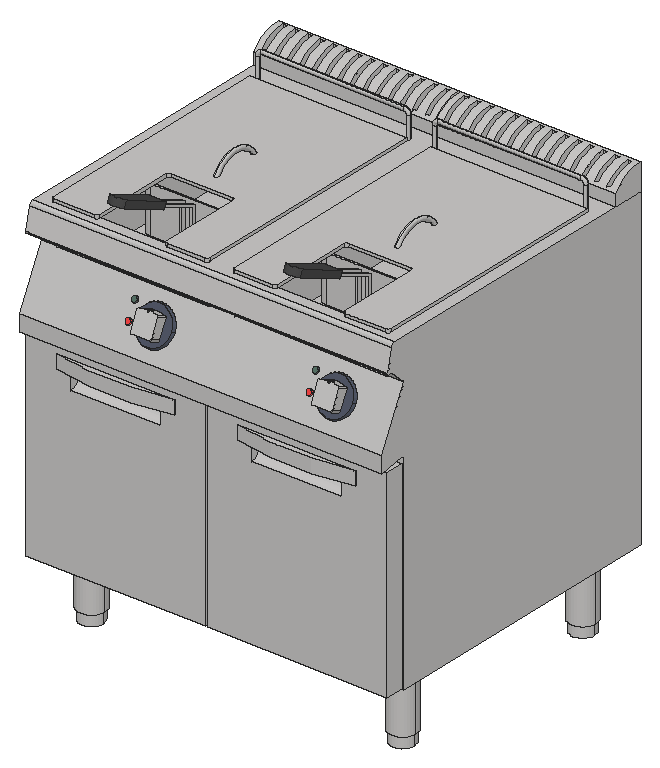
Revit family "QF_ZANUSSI_372078_Z7FREH2BF0", category Specialty Equipment, Revit 2018 (continued)
Automatic sketch dimensions
  Extrusion 10 sketch curve to plane 11 = 84.899 mm
  Extrusion 10 sketch curve to Extrusion 10 sketch curve = 6.35 mm
  Extrusion 10 sketch curve to plane 10 "TOP A" = 7.522 mm
  Extrusion 10 sketch curve to Extrusion 10 sketch curve = 97.432 mm
  Sweep 11 sketch curve to plane 10 "TOP A" = 0 mm  (x2)
  Sweep 11 sketch curve to plane 8 "Center X" = 12.824 mm
  Sweep 11 sketch curve to plane 10 "TOP A" = 26.978 mm
  Sweep 11 sketch curve to Sweep 11 sketch curve = 54.439 mm
  Sweep 11 sketch curve to profile plane = 0 mm  (x2)
  Sweep 12 sketch curve to plane 10 "TOP A" = 0 mm  (x2)
  Sweep 12 sketch curve to plane 8 "Center X" = 12.824 mm
  Sweep 12 sketch curve to plane 10 "TOP A" = 26.978 mm
  Sweep 12 sketch curve to Sweep 12 sketch curve = 54.439 mm
  Sweep 12 sketch curve to profile plane = 0 mm
  profile plane to Sweep 12 sketch curve = 0 mm
  plane 7 "Center Y" to Extrusion 13 sketch curve = 175.907 mm
  Extrusion 13 sketch curve to Extrusion 13 sketch curve = 0 mm
  Extrusion 13 sketch curve to Extrusion 13 sketch curve = 11.832 mm
  Extrusion 13 sketch curve to Extrusion 13 sketch curve = 106.78 mm
  Extrusion 13 sketch curve to Extrusion 13 sketch curve = 18.617 mm
  Extrusion 14 sketch curve to Extrusion 14 sketch curve = 0 mm  (x16)
  Extrusion 14 sketch curve to plane 4 "RIGHT" = 91.225 mm
  Extrusion 14 sketch curve to Extrusion 14 sketch curve = 3.175 mm  (x2)
  Extrusion 14 sketch curve to Extrusion 14 sketch curve = 22.225 mm  (x6)
  plane 7 "Center Y" to Extrusion 14 sketch curve = 105.625 mm  (x2)
  Extrusion 14 sketch curve to plane 7 "Center Y" = 80.225 mm
  plane 3 "LEFT" to Extrusion 14 sketch curve = 116.625 mm  (x2)
  plane 12 to Extrusion 14 sketch curve = 41.498 mm  (x2)
  Extrusion 14 sketch curve to plane 8 "Center X" = 116.11 mm  (x2)
  Extrusion 15 sketch curve to plane 11 = 1.013 mm
  Extrusion 15 sketch curve to plane 11 = 3.696 mm
  Extrusion 15 sketch curve to plane 10 "TOP A" = 11.567 mm
  Extrusion 15 sketch curve to plane 11 = 84.899 mm
  Extrusion 15 sketch curve to plane 10 "TOP A" = 7.522 mm
  Extrusion 15 sketch curve to Extrusion 15 sketch curve = 6.35 mm
  Extrusion 15 sketch curve to Extrusion 15 sketch curve = 97.432 mm
  Extrusion 16 sketch curve to plane 11 = 1.013 mm
  Extrusion 16 sketch curve to plane 11 = 3.696 mm
  Extrusion 16 sketch curve to plane 10 "TOP A" = 11.567 mm
  Extrusion 16 sketch curve to plane 11 = 84.899 mm
  Extrusion 16 sketch curve to Extrusion 16 sketch curve = 6.35 mm
  Extrusion 16 sketch curve to Extrusion 16 sketch curve = 97.432 mm
  Extrusion 16 sketch curve to plane 10 "TOP A" = 7.522 mm
  Sweep 17 sketch curve to plane 10 "TOP A" = 0 mm  (x2)
  Sweep 17 sketch curve to plane 6 "TOP" = 9.525 mm  (x2)
  Sweep 17 sketch curve to plane 4 "RIGHT" = 39.688 mm
  Sweep 17 sketch curve to Sweep 17 sketch curve = 6.35 mm
  plane 7 "Center Y" to Sweep 17 sketch curve = 37.331 mm
  profile plane to Sweep 17 sketch curve = 2.09 mm
  profile plane to Sweep 17 sketch curve = 140.754 mm
  plane 1 "BACK" to Extrusion 18 sketch curve = 6.761 mm
  Extrusion 18 sketch curve to plane 7 "Center Y" = 15.351 mm
  Extrusion 18 sketch curve to Extrusion 18 sketch curve = 9.296 mm
  Extrusion 18 sketch curve to Extrusion 18 sketch curve = 57.15 mm
  plane 1 "BACK" to Extrusion 19 sketch curve = 6.761 mm
  plane 3 "LEFT" to Extrusion 19 sketch curve = 50.591 mm
  Extrusion 19 sketch curve to Extrusion 19 sketch curve = 9.296 mm
  Extrusion 19 sketch curve to Extrusion 19 sketch curve = 57.15 mm
  plane 1 "BACK" to Extrusion 20 sketch curve = 6.761 mm
  plane 3 "LEFT" to Extrusion 20 sketch curve = 78.433 mm
  Extrusion 20 sketch curve to Extrusion 20 sketch curve = 9.296 mm
  Extrusion 20 sketch curve to Extrusion 20 sketch curve = 57.15 mm
  plane 1 "BACK" to Extrusion 21 sketch curve = 6.761 mm
  plane 3 "LEFT" to Extrusion 21 sketch curve = 106.275 mm
  Extrusion 21 sketch curve to Extrusion 21 sketch curve = 9.296 mm
  Extrusion 21 sketch curve to Extrusion 21 sketch curve = 57.15 mm
  plane 1 "BACK" to Extrusion 22 sketch curve = 6.761 mm
  plane 3 "LEFT" to Extrusion 22 sketch curve = 134.118 mm
  Extrusion 22 sketch curve to Extrusion 22 sketch curve = 9.296 mm
  Extrusion 22 sketch curve to Extrusion 22 sketch curve = 57.15 mm
  plane 1 "BACK" to Extrusion 23 sketch curve = 6.761 mm
  plane 3 "LEFT" to Extrusion 23 sketch curve = 161.96 mm
  Extrusion 23 sketch curve to Extrusion 23 sketch curve = 9.296 mm
  Extrusion 23 sketch curve to Extrusion 23 sketch curve = 57.15 mm
  plane 1 "BACK" to Extrusion 24 sketch curve = 6.761 mm
  plane 3 "LEFT" to Extrusion 24 sketch curve = 189.802 mm
  Extrusion 24 sketch curve to Extrusion 24 sketch curve = 9.296 mm
  Extrusion 24 sketch curve to Extrusion 24 sketch curve = 57.15 mm
  plane 1 "BACK" to Extrusion 25 sketch curve = 6.761 mm
  Extrusion 25 sketch curve to plane 7 "Center Y" = 182.405 mm
  Extrusion 25 sketch curve to Extrusion 25 sketch curve = 9.296 mm
  Extrusion 25 sketch curve to Extrusion 25 sketch curve = 57.15 mm
  plane 1 "BACK" to Extrusion 26 sketch curve = 6.761 mm
  Extrusion 26 sketch curve to plane 7 "Center Y" = 154.563 mm
  Extrusion 26 sketch curve to Extrusion 26 sketch curve = 9.296 mm
  Extrusion 26 sketch curve to Extrusion 26 sketch curve = 57.15 mm
  plane 1 "BACK" to Extrusion 27 sketch curve = 6.761 mm
  Extrusion 27 sketch curve to plane 7 "Center Y" = 126.721 mm
  Extrusion 27 sketch curve to Extrusion 27 sketch curve = 9.296 mm
  Extrusion 27 sketch curve to Extrusion 27 sketch curve = 57.15 mm
  plane 1 "BACK" to Extrusion 28 sketch curve = 6.761 mm
  Extrusion 28 sketch curve to plane 7 "Center Y" = 98.878 mm
  Extrusion 28 sketch curve to Extrusion 28 sketch curve = 9.296 mm
  Extrusion 28 sketch curve to Extrusion 28 sketch curve = 57.15 mm
  plane 1 "BACK" to Extrusion 29 sketch curve = 6.761 mm
  Extrusion 29 sketch curve to plane 7 "Center Y" = 71.036 mm
  Extrusion 29 sketch curve to Extrusion 29 sketch curve = 9.296 mm
  Extrusion 29 sketch curve to Extrusion 29 sketch curve = 57.15 mm
  plane 1 "BACK" to Extrusion 30 sketch curve = 6.761 mm
  Extrusion 30 sketch curve to plane 7 "Center Y" = 43.194 mm
  Extrusion 30 sketch curve to Extrusion 30 sketch curve = 9.296 mm
  Extrusion 30 sketch curve to Extrusion 30 sketch curve = 57.15 mm
  Extrusion 31 sketch curve to plane 1 "BACK" = 6.761 mm
  plane 4 "RIGHT" to Extrusion 31 sketch curve = 22.749 mm
  Extrusion 31 sketch curve to Extrusion 31 sketch curve = 9.296 mm
  Extrusion 31 sketch curve to Extrusion 31 sketch curve = 57.15 mm
  Extrusion 32 sketch curve to plane 1 "BACK" = 6.761 mm
  Extrusion 32 sketch curve to plane 7 "Center Y" = 15.351 mm
  Extrusion 32 sketch curve to Extrusion 32 sketch curve = 9.296 mm
  Extrusion 32 sketch curve to Extrusion 32 sketch curve = 57.15 mm
  Extrusion 33 sketch curve to plane 1 "BACK" = 6.761 mm
  plane 4 "RIGHT" to Extrusion 33 sketch curve = 50.591 mm
  Extrusion 33 sketch curve to Extrusion 33 sketch curve = 9.296 mm
  Extrusion 33 sketch curve to Extrusion 33 sketch curve = 57.15 mm
  Extrusion 34 sketch curve to plane 1 "BACK" = 6.761 mm
  plane 4 "RIGHT" to Extrusion 34 sketch curve = 78.433 mm
  Extrusion 34 sketch curve to Extrusion 34 sketch curve = 9.296 mm
  Extrusion 34 sketch curve to Extrusion 34 sketch curve = 57.15 mm
  Extrusion 35 sketch curve to plane 1 "BACK" = 6.761 mm
  plane 4 "RIGHT" to Extrusion 35 sketch curve = 106.275 mm
  Extrusion 35 sketch curve to Extrusion 35 sketch curve = 9.296 mm
  Extrusion 35 sketch curve to Extrusion 35 sketch curve = 57.15 mm
  Extrusion 36 sketch curve to plane 1 "BACK" = 6.761 mm
  plane 4 "RIGHT" to Extrusion 36 sketch curve = 134.118 mm
  Extrusion 36 sketch curve to Extrusion 36 sketch curve = 9.296 mm
  Extrusion 36 sketch curve to Extrusion 36 sketch curve = 57.15 mm
  Extrusion 37 sketch curve to plane 1 "BACK" = 6.761 mm
  plane 4 "RIGHT" to Extrusion 37 sketch curve = 161.96 mm
  Extrusion 37 sketch curve to Extrusion 37 sketch curve = 9.296 mm
  Extrusion 37 sketch curve to Extrusion 37 sketch curve = 57.15 mm
  Extrusion 38 sketch curve to plane 1 "BACK" = 6.761 mm
  plane 4 "RIGHT" to Extrusion 38 sketch curve = 189.802 mm
  Extrusion 38 sketch curve to Extrusion 38 sketch curve = 9.296 mm
  Extrusion 38 sketch curve to Extrusion 38 sketch curve = 57.15 mm
  Extrusion 39 sketch curve to plane 1 "BACK" = 6.761 mm
  Extrusion 39 sketch curve to plane 7 "Center Y" = 182.405 mm
  Extrusion 39 sketch curve to Extrusion 39 sketch curve = 9.296 mm
  Extrusion 39 sketch curve to Extrusion 39 sketch curve = 57.15 mm
  Extrusion 40 sketch curve to plane 1 "BACK" = 6.761 mm
  Extrusion 40 sketch curve to plane 7 "Center Y" = 154.563 mm
  Extrusion 40 sketch curve to Extrusion 40 sketch curve = 9.296 mm
  Extrusion 40 sketch curve to Extrusion 40 sketch curve = 57.15 mm
  Extrusion 41 sketch curve to plane 1 "BACK" = 6.761 mm
  Extrusion 41 sketch curve to plane 7 "Center Y" = 126.721 mm
  Extrusion 41 sketch curve to Extrusion 41 sketch curve = 9.296 mm
  Extrusion 41 sketch curve to Extrusion 41 sketch curve = 57.15 mm
  Extrusion 42 sketch curve to plane 1 "BACK" = 6.761 mm
  Extrusion 42 sketch curve to plane 7 "Center Y" = 98.878 mm
  Extrusion 42 sketch curve to Extrusion 42 sketch curve = 9.296 mm
  Extrusion 42 sketch curve to Extrusion 42 sketch curve = 57.15 mm
  Extrusion 43 sketch curve to plane 1 "BACK" = 6.761 mm
  Extrusion 43 sketch curve to plane 7 "Center Y" = 71.036 mm
  Extrusion 43 sketch curve to Extrusion 43 sketch curve = 9.296 mm
  Extrusion 43 sketch curve to Extrusion 43 sketch curve = 57.15 mm
  Extrusion 44 sketch curve to plane 1 "BACK" = 6.761 mm
  Extrusion 44 sketch curve to plane 7 "Center Y" = 43.194 mm
  Extrusion 44 sketch curve to Extrusion 44 sketch curve = 9.296 mm
  Extrusion 44 sketch curve to Extrusion 44 sketch curve = 57.15 mm
  plane 1 "BACK" to Extrusion 45 sketch curve = 0 mm
  plane 7 "Center Y" to Extrusion 45 sketch curve = 1.587 mm
  Extrusion 45 sketch curve to plane 7 "Center Y" = 1.588 mm
  Extrusion 45 sketch curve to Extrusion 45 sketch curve = 69.85 mm
  Revolve 46 sketch curve to level = 0 mm
  Revolve 46 sketch curve to plane 14 = 0 mm  (x2)
  level to Revolve 46 sketch curve = 25 mm
  plane 3 "LEFT" to Revolve 46 sketch curve = 56 mm
  plane 3 "LEFT" to Revolve 46 sketch curve = 29.75 mm
  plane 3 "LEFT" to Revolve 46 sketch curve = 26 mm
  Revolve 46 sketch curve to Revolve 46 sketch curve = 20 mm
  Revolve 46 sketch curve to Revolve 46 sketch curve = 0 mm
  Revolve 47 sketch curve to level = 0 mm
  Revolve 47 sketch curve to plane 14 = 0 mm  (x2)
  level to Revolve 47 sketch curve = 25 mm
  plane 3 "LEFT" to Revolve 47 sketch curve = 56 mm
  plane 3 "LEFT" to Revolve 47 sketch curve = 29.75 mm
  plane 3 "LEFT" to Revolve 47 sketch curve = 26 mm
  Revolve 47 sketch curve to Revolve 47 sketch curve = 20 mm
  Revolve 47 sketch curve to Revolve 47 sketch curve = 0 mm
  Revolve 48 sketch curve to level = 0 mm
  Revolve 48 sketch curve to plane 14 = 0 mm  (x2)
  level to Revolve 48 sketch curve = 25 mm
  Revolve 48 sketch curve to plane 4 "RIGHT" = 26 mm
  Revolve 48 sketch curve to Revolve 48 sketch curve = 3.75 mm
  Revolve 48 sketch curve to Revolve 48 sketch curve = 30 mm
  Revolve 48 sketch curve to Revolve 48 sketch curve = 20 mm
  Revolve 48 sketch curve to Revolve 48 sketch curve = 0 mm
  Revolve 49 sketch curve to level = 0 mm
  Revolve 49 sketch curve to plane 14 = 0 mm  (x2)
  level to Revolve 49 sketch curve = 25 mm
  Revolve 49 sketch curve to plane 4 "RIGHT" = 26 mm
  Revolve 49 sketch curve to Revolve 49 sketch curve = 3.75 mm
  Revolve 49 sketch curve to Revolve 49 sketch curve = 30 mm
  plane 14 to Revolve 49 sketch curve = 20 mm
  Revolve 49 sketch curve to Revolve 49 sketch curve = 0 mm
  Extrusion 50 sketch curve to plane 4 "RIGHT" = 56 mm
  Extrusion 50 sketch curve to plane 11 = 92.884 mm
  Extrusion 51 sketch curve to plane 5 "FRONT" = 12.909 mm
  Extrusion 51 sketch curve to plane 5 "FRONT" = 15 mm
  Extrusion 51 sketch curve to Extrusion 51 sketch curve = 22 mm
  Extrusion 51 sketch curve to plane 9 "BASE" = 83 mm
  Extrusion 51 sketch curve to Extrusion 51 sketch curve = 26 mm
  Extrusion 52 sketch curve to plane 5 "FRONT" = 15 mm
  Extrusion 52 sketch curve to plane 7 "Center Y" = 69.727 mm
  Extrusion 52 sketch curve to plane 12 = 42.135 mm
  plane 3 "LEFT" to Extrusion 52 sketch curve = 200 mm
  plane 3 "LEFT" to Extrusion 52 sketch curve = 69.727 mm
  Extrusion 52 sketch curve to Extrusion 52 sketch curve = 0.915 mm
  Extrusion 53 sketch curve to plane 5 "FRONT" = 12.909 mm
  Extrusion 53 sketch curve to plane 5 "FRONT" = 15 mm
  Extrusion 53 sketch curve to Extrusion 53 sketch curve = 22 mm
  Extrusion 53 sketch curve to plane 9 "BASE" = 83 mm
  Extrusion 53 sketch curve to Extrusion 53 sketch curve = 26 mm
  Extrusion 54 sketch curve to plane 5 "FRONT" = 15 mm
  Extrusion 54 sketch curve to plane 4 "RIGHT" = 69.727 mm
  Extrusion 54 sketch curve to plane 12 = 42.135 mm
  Extrusion 54 sketch curve to plane 4 "RIGHT" = 200 mm
  plane 7 "Center Y" to Extrusion 54 sketch curve = 69.727 mm
  Extrusion 54 sketch curve to Extrusion 54 sketch curve = 0.915 mm
  Extrusion 55 sketch curve to plane 4 "RIGHT" = 0 mm
  Extrusion 55 sketch curve to plane 3 "LEFT" = 0 mm
  Extrusion 55 sketch curve to plane 4 "RIGHT" = 12.169 mm
  plane 7 "Center Y" to Extrusion 55 sketch curve = 2.13 mm
  Extrusion 55 sketch curve to plane 7 "Center Y" = 2.13 mm
  plane 3 "LEFT" to Extrusion 55 sketch curve = 12.169 mm
  Extrusion 55 sketch curve to plane 5 "FRONT" = 27.6 mm
  Extrusion 55 sketch curve to Extrusion 55 sketch curve = 0 mm
  Extrusion 55 sketch curve to Extrusion 55 sketch curve = 0.091 mm  (x2)
  Blend 56 sketch curve to plane 4 "RIGHT" = 125 mm  (x2)
  Extrusion 57 sketch curve to plane 4 "RIGHT" = 148 mm
  Extrusion 57 sketch curve to Extrusion 57 sketch curve = 2.997 mm  (x3)
  Extrusion 57 sketch curve to Extrusion 57 sketch curve = 20.003 mm  (x2)
  Extrusion 57 sketch curve to Extrusion 57 sketch curve = 40.005 mm
  Extrusion 57 sketch curve to Extrusion 57 sketch curve = 5.399 mm
  Extrusion 57 sketch curve to Extrusion 57 sketch curve = 40.037 mm
  Extrusion 57 sketch curve to Extrusion 57 sketch curve = 0 mm  (x2)
  Extrusion 58 sketch curve to plane 4 "RIGHT" = 142.5 mm
  Extrusion 58 sketch curve to Extrusion 58 sketch curve = 35 mm  (x2)
  Extrusion 59 sketch curve to plane 5 "FRONT" = 9.329 mm
  Extrusion 59 sketch curve to plane 10 "TOP A" = 112.016 mm
  Extrusion 59 sketch curve to Extrusion 59 sketch curve = 3 mm
  Extrusion 59 sketch curve to Extrusion 59 sketch curve = 0 mm
  Extrusion 59 sketch curve to Extrusion 59 sketch curve = 1 mm  (x2)
  Extrusion 59 sketch curve to Extrusion 59 sketch curve = 15 mm
  Extrusion 60 sketch curve to plane 4 "RIGHT" = 180.001 mm
  Extrusion 61 sketch curve to plane 4 "RIGHT" = 180.001 mm
  Blend 62 sketch curve to plane 7 "Center Y" = 125 mm  (x2)
  Extrusion 63 sketch curve to plane 7 "Center Y" = 125 mm
  Extrusion 63 sketch curve to plane 7 "Center Y" = 145.003 mm  (x2)
  Extrusion 63 sketch curve to Extrusion 63 sketch curve = 2.997 mm  (x2)
  Extrusion 63 sketch curve to plane 7 "Center Y" = 104.997 mm  (x2)
  Extrusion 63 sketch curve to Extrusion 63 sketch curve = 5.399 mm
  Extrusion 63 sketch curve to Extrusion 63 sketch curve = 40.037 mm
  Extrusion 63 sketch curve to Extrusion 63 sketch curve = 0 mm  (x2)
  Extrusion 64 sketch curve to plane 7 "Center Y" = 142.5 mm
  Extrusion 64 sketch curve to plane 7 "Center Y" = 107.5 mm
  Extrusion 64 sketch curve to Extrusion 64 sketch curve = 35 mm
  Extrusion 65 sketch curve to plane 5 "FRONT" = 9.329 mm
  Extrusion 65 sketch curve to plane 10 "TOP A" = 112.016 mm
  Extrusion 65 sketch curve to Extrusion 65 sketch curve = 3 mm
  Extrusion 65 sketch curve to Extrusion 65 sketch curve = 0 mm
  Extrusion 65 sketch curve to Extrusion 65 sketch curve = 1 mm  (x2)
  Extrusion 65 sketch curve to Extrusion 65 sketch curve = 15 mm
  Extrusion 66 sketch curve to plane 7 "Center Y" = 180.001 mm
  Extrusion 67 sketch curve to plane 7 "Center Y" = 180.001 mm
  Extrusion 68 sketch curve to plane 9 "BASE" = 0 mm
  plane 7 "Center Y" to Extrusion 68 sketch curve = 2.13 mm
  plane 14 to Extrusion 68 sketch curve = 5 mm
  Extrusion 68 sketch curve to plane 7 "Center Y" = 2.13 mm
  curve 6 to plane 4 "RIGHT" = 0 mm
  curve 167 to plane 4 "RIGHT" = 0 mm
  plane 5 "FRONT" to curve 168 = 0 mm
  plane 5 "FRONT" to curve 167 = 0 mm
  plane 1 "BACK" to curve 162 = 0 mm
  plane 5 "FRONT" to curve 165 = 0 mm
  plane 5 "FRONT" to curve 166 = 0 mm
  curve 165 to plane 3 "LEFT" = 0 mm
  curve 5 to plane 3 "LEFT" = 0 mm
  plane 5 "FRONT" to curve 6 = 0 mm
  plane 5 "FRONT" to curve 5 = 0 mm
  plane 4 "RIGHT" to curve 3 = 150.019 mm
  curve 121 to plane 4 "RIGHT" = 13.453 mm
  curve 121 to curve 122 = 9.296 mm
  curve 55 to plane 4 "RIGHT" = 26.987 mm
  curve 42 to curve 44 = 6.35 mm
  curve 42 to curve 77 = 10.61 mm
  plane 1 "BACK" to curve 128 = 6.761 mm
  curve 120 to curve 128 = 18.547 mm
  curve 127 to curve 128 = 9.296 mm
  plane 1 "BACK" to curve 131 = 6.761 mm
  curve 126 to curve 131 = 18.547 mm
  curve 130 to curve 129 = 9.296 mm
  plane 1 "BACK" to curve 134 = 6.761 mm
  curve 129 to curve 134 = 18.547 mm
  curve 133 to curve 132 = 9.296 mm
  curve 43 to curve 45 = 88.9 mm
  plane 1 "BACK" to curve 136 = 6.761 mm
  curve 132 to curve 136 = 18.547 mm
  curve 45 to curve 46 = 6.35 mm
  curve 136 to curve 135 = 9.296 mm
  curve 46 to curve 48 = 6.35 mm
  plane 1 "BACK" to curve 139 = 6.761 mm
  curve 135 to curve 139 = 18.547 mm
  curve 139 to curve 140 = 9.296 mm
  plane 1 "BACK" to curve 143 = 6.761 mm
  curve 138 to curve 143 = 18.547 mm
  curve 58 to plane 11 = 5.711 mm
  curve 45 to curve 58 = 58.32 mm
  curve 142 to curve 141 = 9.296 mm
  plane 8 "Center X" to curve 67 = 38.031 mm
  curve 47 to curve 67 = 60.633 mm
  curve 67 to curve 70 = 4.449 mm
  plane 1 "BACK" to curve 145 = 6.761 mm
  curve 141 to curve 145 = 18.547 mm
  curve 145 to curve 146 = 9.296 mm
  curve 56 to plane 5 "FRONT" = 8.614 mm
  curve 58 to curve 56 = 37.235 mm
  plane 1 "BACK" to curve 149 = 6.761 mm
  curve 144 to curve 149 = 18.547 mm
  curve 148 to curve 147 = 9.296 mm
  plane 1 "BACK" to curve 151 = 6.761 mm
  curve 147 to curve 151 = 18.547 mm
  curve 68 to curve 48 = 66.994 mm
  curve 151 to curve 150 = 9.296 mm
  curve 61 to curve 50 = 53.67 mm
  curve 50 to curve 52 = 6.35 mm
  plane 1 "BACK" to curve 154 = 6.761 mm
  curve 150 to curve 154 = 18.547 mm
  curve 154 to curve 153 = 9.296 mm
  plane 1 "BACK" to curve 158 = 6.761 mm
  curve 153 to curve 158 = 18.547 mm
  curve 157 to curve 158 = 9.296 mm
  plane 7 "Center Y" to curve 168 = 54.971 mm
  plane 1 "BACK" to curve 160 = 6.761 mm
  curve 156 to curve 160 = 18.547 mm
  curve 160 to curve 161 = 9.296 mm
  plane 7 "Center Y" to curve 53 = 33.338 mm
  plane 7 "Center Y" to curve 78 = 28.891 mm
  curve 78 to curve 54 = 1.903 mm
  plane 1 "BACK" to curve 124 = 6.761 mm
  curve 159 to curve 124 = 18.547 mm
  curve 124 to curve 125 = 9.296 mm
  plane 7 "Center Y" to curve 162 = 1.587 mm
  curve 163 to plane 7 "Center Y" = 1.588 mm
  plane 1 "BACK" to curve 81 = 6.761 mm
  curve 163 to curve 81 = 13.764 mm
  curve 81 to curve 82 = 9.296 mm
  curve 22 to plane 7 "Center Y" = 26.988 mm
  curve 22 to curve 75 = 1.903 mm
  curve 21 to curve 21 = 6.35 mm
  plane 1 "BACK" to curve 119 = 6.761 mm
  curve 82 to curve 119 = 18.547 mm
  curve 117 to curve 118 = 9.296 mm
  curve 166 to plane 7 "Center Y" = 54.971 mm
  plane 1 "BACK" to curve 114 = 6.761 mm
  curve 118 to curve 114 = 18.547 mm
  curve 114 to curve 115 = 9.296 mm
  plane 1 "BACK" to curve 113 = 6.761 mm
  curve 115 to curve 113 = 18.547 mm
  curve 111 to curve 113 = 9.296 mm
  curve 21 to curve 19 = 82.55 mm
  curve 19 to curve 30 = 6.35 mm
  plane 1 "BACK" to curve 108 = 6.761 mm
  curve 112 to curve 108 = 18.547 mm
  curve 17 to curve 17 = 6.35 mm
  curve 108 to curve 110 = 9.296 mm
  plane 1 "BACK" to curve 107 = 6.761 mm
  curve 109 to curve 107 = 18.547 mm
  curve 105 to curve 107 = 9.296 mm
  curve 25 to plane 11 = 5.711 mm
  curve 19 to curve 25 = 53.67 mm
  plane 1 "BACK" to curve 102 = 6.761 mm
  curve 106 to curve 102 = 18.547 mm
  curve 102 to curve 103 = 9.296 mm
  curve 16 to curve 37 = 66.994 mm
  curve 37 to curve 39 = 4.449 mm
  plane 1 "BACK" to curve 101 = 6.761 mm
  curve 103 to curve 101 = 18.547 mm
  curve 27 to plane 5 "FRONT" = 8.614 mm
  curve 25 to curve 27 = 37.235 mm
  curve 99 to curve 101 = 9.296 mm
  plane 1 "BACK" to curve 98 = 6.761 mm
  curve 100 to curve 98 = 18.547 mm
  curve 96 to curve 98 = 9.296 mm
  curve 36 to curve 16 = 60.633 mm
  plane 1 "BACK" to curve 95 = 6.761 mm
  curve 97 to curve 95 = 18.547 mm
  curve 15 to curve 14 = 6.35 mm
  curve 93 to curve 94 = 9.296 mm
  curve 13 to curve 13 = 6.35 mm
  plane 1 "BACK" to curve 92 = 6.761 mm
  curve 94 to curve 92 = 18.547 mm
  curve 90 to curve 92 = 9.296 mm
  plane 1 "BACK" to curve 89 = 6.761 mm
  curve 91 to curve 89 = 18.547 mm
  curve 87 to curve 88 = 9.296 mm
  plane 1 "BACK" to curve 84 = 6.761 mm
  curve 88 to curve 84 = 18.547 mm
  curve 84 to curve 85 = 9.296 mm
  curve 85 to curve 73 = 3.647 mm
  plane 3 "LEFT" to curve 11 = 33.338 mm
  curve 74 to curve 23 = 10.61 mm
  plane 1 "BACK" to curve 7 = 6.761 mm
  curve 85 to curve 7 = 18.547 mm
  curve 7 to curve 8 = 9.296 mm
  curve 1 to plane 3 "LEFT" = 150.019 mm
  curve 1 to plane 1 "BACK" = 150.019 mm
  plane 1 "BACK" to curve 122 = 6.761 mm
  curve 81 to curve 24 = 63.089 mm
  curve 24 to curve 164 = 0 mm
  curve 162 to curve 78 = 30.564 mm
  curve 24 to curve 76 = 30.564 mm
  curve 73 to curve 75 = 7.655 mm
  curve 77 to curve 80 = 7.655 mm
  curve 79 to curve 42 = 4.767 mm
  curve 75 to curve 23 = 4.767 mm
  plane 8 "Center X" to curve 36 = 38.031 mm
  curve 37 to plane 8 "Center X" = 63.432 mm
  curve 67 to plane 8 "Center X" = 63.432 mm
  curve 36 to curve 16 = 46.229 mm
  curve 68 to curve 48 = 46.229 mm
  plane 11 to curve 53 = 57.877 mm
  curve 22 to curve 53 = 0 mm
  plane 11 to curve 60 = 57.877 mm
  plane 11 to curve 10 = 57.877 mm
  curve 165 to plane 5 "FRONT" = 27.613 mm
  curve 167 to plane 5 "FRONT" = 27.613 mm
  curve 25 to plane 5 "FRONT" = 8.614 mm
  curve 58 to plane 5 "FRONT" = 8.614 mm
  plane 5 "FRONT" to curve 168 = 168.89 mm
  curve 166 to curve 168 = 0 mm
  curve 43 to curve 168 = 40.903 mm
  curve 59 to curve 66 = 3.442 mm
  curve 66 to curve 59 = 0 mm  (x2)
  curve 47 to curve 63 = 56.049 mm
  curve 63 to curve 62 = 5.857 mm
  curve 62 to curve 65 = 17.363 mm
  curve 64 to curve 56 = 4.079 mm
  curve 17 to curve 33 = 51.399 mm
  curve 33 to curve 34 = 5.857 mm
  curve 35 to curve 28 = 0 mm  (x2)
  curve 31 to curve 26 = 9.936 mm
  curve 31 to curve 32 = 5.857 mm
  curve 35 to curve 28 = 3.442 mm
  curve 166 to curve 11 = 40.903 mm
  curve 111 to curve 111 = 57.15 mm
  curve 111 to curve 114 = 0 mm
  curve 115 to curve 114 = 0 mm
  curve 114 to curve 117 = 0 mm
  curve 118 to curve 117 = 0 mm
  curve 109 to curve 111 = 0 mm
  curve 109 to curve 108 = 0 mm
  curve 120 to curve 164 = 5.939 mm
  curve 120 to curve 121 = 0 mm
  curve 123 to curve 162 = 5.939 mm
  curve 123 to curve 124 = 0 mm
  curve 106 to curve 109 = 0 mm
  curve 106 to curve 105 = 0 mm
  curve 126 to curve 120 = 0 mm
  curve 126 to curve 127 = 0 mm
  curve 129 to curve 126 = 0 mm
  curve 129 to curve 130 = 0 mm
  curve 103 to curve 106 = 0 mm
  curve 103 to curve 102 = 0 mm
  curve 132 to curve 129 = 0 mm
  curve 132 to curve 133 = 0 mm
  curve 135 to curve 132 = 0 mm
  curve 135 to curve 136 = 0 mm
  curve 100 to curve 103 = 0 mm
  curve 100 to curve 99 = 0 mm
  curve 138 to curve 135 = 0 mm
  curve 138 to curve 139 = 0 mm
  curve 141 to curve 138 = 0 mm
  curve 141 to curve 142 = 0 mm
  curve 97 to curve 100 = 0 mm
  curve 97 to curve 96 = 0 mm
  curve 144 to curve 141 = 0 mm
  curve 144 to curve 145 = 0 mm
  curve 88 to curve 73 = 36.504 mm
  curve 88 to curve 87 = 0 mm
  curve 94 to curve 97 = 0 mm
  curve 94 to curve 93 = 0 mm
  curve 147 to curve 144 = 0 mm
  curve 147 to curve 148 = 0 mm
  curve 150 to curve 147 = 0 mm
  curve 150 to curve 151 = 0 mm
  curve 87 to curve 91 = 0 mm
  curve 91 to curve 90 = 0 mm
  curve 153 to curve 150 = 0 mm
  curve 153 to curve 154 = 0 mm
  curve 156 to curve 153 = 0 mm
  curve 7 to curve 24 = 5.939 mm
  curve 7 to curve 85 = 0 mm
  curve 85 to curve 84 = 0 mm
  curve 8 to curve 7 = 0 mm
  curve 160 to curve 156 = 0 mm
  curve 159 to curve 160 = 0 mm
  curve 117 to curve 82 = 0 mm
  curve 82 to curve 81 = 0 mm
  curve 156 to curve 157 = 0 mm
  curve 112 to curve 111 = 0 mm
  curve 14 to curve 40 = 22.324 mm
  curve 47 to curve 71 = 22.324 mm
  curve 40 to curve 41 = 3.175 mm
  curve 71 to curve 72 = 3.175 mm
  curve 35 to curve 27 = 17.436 mm
  curve 66 to curve 59 = 17.436 mm
  curve 66 to curve 59 = 6.713 mm  (x2)
  curve 35 to curve 28 = 6.713 mm
  curve 28 to curve 35 = 4.011 mm
  plane 5 "FRONT" to curve 3 = 1.377 mm
  plane 5 "FRONT" to curve 1 = 1.377 mm
  curve 232 to plane 3 "LEFT" = 0 mm
  curve 197 to plane 3 "LEFT" = 0 mm
  plane 5 "FRONT" to curve 232 = 0 mm
  plane 5 "FRONT" to curve 230 = 0 mm
  plane 5 "FRONT" to curve 231 = 0 mm
  curve 234 to plane 4 "RIGHT" = 0 mm
  curve 231 to plane 4 "RIGHT" = 0 mm
  plane 5 "FRONT" to curve 198 = 9.347 mm
  curve 198 to plane 7 "Center Y" = 148 mm
  curve 198 to curve 199 = 0.809 mm
  curve 202 to curve 202 = 1.583 mm
  curve 199 to curve 200 = 1.846 mm
  curve 199 to curve 213 = 2.189 mm
  curve 198 to curve 201 = 11.892 mm
  curve 205 to plane 5 "FRONT" = 9.329 mm
  curve 202 to curve 205 = 20.417 mm
  curve 213 to curve 203 = 19.134 mm
  curve 203 to curve 212 = 1.738 mm
  curve 204 to curve 206 = 2 mm
  curve 201 to curve 210 = 22.215 mm
  curve 205 to curve 213 = 19.003 mm
  curve 209 to curve 209 = 0.343 mm
  curve 209 to curve 211 = 1.071 mm
  curve 209 to curve 208 = 2.189 mm
  curve 208 to curve 207 = 0.809 mm
  plane 5 "FRONT" to curve 223 = 9.347 mm
  curve 223 to plane 4 "RIGHT" = 148 mm
  curve 224 to curve 224 = 0.809 mm
  curve 227 to curve 227 = 1.583 mm
  curve 224 to curve 225 = 1.846 mm
  curve 224 to curve 229 = 2.189 mm
  curve 223 to curve 226 = 11.892 mm
  curve 221 to plane 5 "FRONT" = 9.329 mm
  curve 227 to curve 221 = 20.417 mm
  curve 229 to curve 228 = 19.134 mm
  curve 228 to curve 219 = 1.738 mm
  curve 221 to curve 221 = 2 mm
  curve 226 to curve 217 = 22.215 mm
  curve 220 to curve 229 = 19.003 mm
  curve 216 to curve 216 = 0.343 mm
  curve 216 to curve 218 = 1.071 mm
  curve 216 to curve 215 = 2.189 mm
  curve 215 to curve 214 = 0.809 mm
  plane 5 "FRONT" to curve 208 = 9.347 mm
  curve 229 to curve 224 = 1.333 mm
  curve 213 to curve 208 = 1.333 mm
  curve 203 to curve 213 = 86.839 mm
  curve 228 to curve 229 = 86.839 mm
  curve 203 to curve 212 = 0 mm
  curve 228 to curve 219 = 0 mm
  curve 216 to curve 214 = 1.333 mm
  curve 215 to curve 216 = 2.779 mm
  curve 208 to curve 209 = 2.779 mm
  curve 224 to curve 225 = 2.779 mm
  curve 199 to curve 200 = 2.779 mm
  curve 218 to plane 5 "FRONT" = 7.894 mm
  curve 202 to plane 5 "FRONT" = 7.894 mm
  curve 211 to plane 5 "FRONT" = 7.894 mm
  curve 227 to plane 5 "FRONT" = 7.894 mm
  curve 205 to curve 210 = 41.91 mm
  curve 201 to curve 210 = 0 mm
  curve 221 to curve 226 = 41.91 mm
  curve 226 to curve 217 = 0 mm
  plane 3 "LEFT" to curve 169 = 13.453 mm
  curve 169 to curve 169 = 9.296 mm
  curve 169 to curve 171 = 18.547 mm
  curve 171 to curve 171 = 9.296 mm
  curve 171 to curve 172 = 18.547 mm
  curve 172 to curve 172 = 9.296 mm
  curve 172 to curve 173 = 18.547 mm
  curve 173 to curve 173 = 9.296 mm
  curve 173 to curve 174 = 18.547 mm
  curve 174 to curve 174 = 9.296 mm
  curve 174 to curve 175 = 18.547 mm
  curve 175 to curve 175 = 9.296 mm
  curve 175 to curve 176 = 18.547 mm
  curve 197 to plane 5 "FRONT" = 15 mm
  curve 197 to curve 198 = 65.142 mm
  curve 176 to curve 176 = 9.296 mm
  curve 176 to curve 177 = 18.547 mm
  curve 177 to curve 177 = 9.296 mm
  curve 233 to curve 198 = 27.907 mm
  curve 177 to curve 178 = 18.547 mm
  curve 201 to curve 198 = 9.809 mm
  curve 178 to curve 178 = 9.296 mm
  curve 202 to curve 202 = 0.284 mm
  curve 178 to curve 179 = 18.547 mm
  curve 179 to curve 179 = 9.296 mm
  curve 179 to curve 180 = 18.547 mm
  curve 211 to curve 211 = 0.284 mm
  curve 180 to curve 180 = 9.296 mm
  curve 207 to curve 210 = 9.809 mm
  curve 180 to curve 181 = 18.547 mm
  curve 181 to curve 181 = 9.296 mm
  curve 181 to curve 182 = 18.547 mm
  curve 182 to curve 182 = 9.296 mm
  curve 182 to curve 170 = 18.547 mm
  curve 170 to curve 170 = 9.296 mm
  plane 7 "Center Y" to curve 184 = 15.351 mm
  curve 184 to curve 184 = 9.296 mm
  curve 184 to curve 196 = 18.547 mm
  curve 196 to curve 196 = 9.296 mm
  curve 196 to curve 195 = 18.547 mm
  curve 195 to curve 195 = 9.296 mm
  curve 195 to curve 194 = 18.547 mm
  curve 194 to curve 194 = 9.296 mm
  curve 194 to curve 193 = 18.547 mm
  curve 193 to curve 193 = 9.296 mm
  curve 193 to curve 192 = 18.547 mm
  curve 192 to curve 192 = 9.296 mm
  curve 233 to plane 5 "FRONT" = 15 mm
  curve 233 to curve 223 = 76.093 mm
  curve 192 to curve 191 = 18.547 mm
  curve 191 to curve 191 = 9.296 mm
  curve 191 to curve 190 = 18.547 mm
  curve 234 to plane 5 "FRONT" = 15 mm
  curve 233 to curve 234 = 37.235 mm
  curve 190 to curve 190 = 9.296 mm
  curve 190 to curve 189 = 18.547 mm
  curve 226 to curve 223 = 9.809 mm
  curve 189 to curve 189 = 9.296 mm
  curve 228 to curve 227 = 0.284 mm
  curve 189 to curve 188 = 18.547 mm
  curve 188 to curve 188 = 9.296 mm
  curve 188 to curve 187 = 18.547 mm
  curve 218 to curve 218 = 0.284 mm
  curve 187 to curve 187 = 9.296 mm
  curve 214 to curve 217 = 9.809 mm
  curve 187 to curve 186 = 18.547 mm
  curve 186 to curve 186 = 9.296 mm
  curve 186 to curve 185 = 18.547 mm
  curve 185 to curve 185 = 9.296 mm
  curve 185 to curve 183 = 18.547 mm
  curve 183 to curve 183 = 9.296 mm
  curve 227 to curve 227 = 0.567 mm
  curve 202 to curve 202 = 0.567 mm
  curve 211 to curve 211 = 0.567 mm
  curve 218 to curve 218 = 0.567 mm
  plane 1 "BACK" to curve 195 = 63.911 mm
  curve 195 to curve 194 = 0 mm
  curve 194 to curve 193 = 0 mm
  curve 193 to curve 192 = 0 mm
  curve 192 to curve 191 = 0 mm
  curve 191 to curve 190 = 0 mm
  curve 196 to curve 195 = 0 mm
  curve 190 to curve 189 = 0 mm
  curve 189 to curve 188 = 0 mm
  curve 188 to curve 187 = 0 mm
  curve 187 to curve 186 = 0 mm
  curve 186 to curve 185 = 0 mm
  curve 184 to curve 196 = 0 mm
  curve 185 to curve 183 = 0 mm
  curve 182 to curve 184 = 0 mm
  curve 181 to curve 182 = 0 mm
  curve 180 to curve 181 = 0 mm
  curve 179 to curve 180 = 0 mm
  curve 178 to curve 179 = 0 mm
  curve 177 to curve 178 = 0 mm
  curve 176 to curve 177 = 0 mm
  curve 175 to curve 176 = 0 mm
  curve 174 to curve 175 = 0 mm
  curve 173 to curve 174 = 0 mm
  curve 172 to curve 173 = 0 mm
  curve 171 to curve 172 = 0 mm
  curve 182 to curve 170 = 0 mm
  curve 169 to curve 171 = 0 mm
  radius of Sweep 7 sketch curve = 3.827 mm
  radius of Sweep 11 sketch curve = 4.353 mm
  radius of Sweep 12 sketch curve = 4.353 mm
  radius of Sweep 17 sketch curve = 3.827 mm
  radius of Extrusion 50 sketch curve = 12.7 mm
  radius of Blend 56 sketch curve = 42.5 mm
  radius of Blend 56 sketch curve = 40.5 mm
  radius of Split face 1 sketch curve = 1.5 mm
  radius of Split face 2 sketch curve = 1.5 mm
  radius of Split face 3 sketch curve = 1.5 mm
  radius of Split face 4 sketch curve = 1.5 mm
  radius of Split face 5 sketch curve = 1.5 mm
  radius of Split face 6 sketch curve = 1.5 mm
  radius of Split face 7 sketch curve = 1.5 mm
  radius of Split face 8 sketch curve = 1.5 mm
  radius of Split face 9 sketch curve = 1.5 mm
  radius of Extrusion 60 sketch curve = 6 mm
  radius of Extrusion 61 sketch curve = 6 mm
  radius of Blend 62 sketch curve = 42.5 mm
  radius of Blend 62 sketch curve = 40.5 mm
  radius of Split face 10 sketch curve = 1.5 mm
  radius of Split face 11 sketch curve = 1.5 mm
  radius of Split face 12 sketch curve = 1.5 mm
  radius of Split face 13 sketch curve = 1.5 mm
  radius of Split face 14 sketch curve = 1.5 mm
  radius of Split face 15 sketch curve = 1.5 mm
  radius of Split face 16 sketch curve = 1.5 mm
  radius of Split face 17 sketch curve = 1.5 mm
  radius of Split face 18 sketch curve = 1.5 mm
  radius of Extrusion 66 sketch curve = 6 mm
  radius of Extrusion 67 sketch curve = 6 mm
Connectors
  electrical at (744, -505, 587.3), driven by "Volts", driven by "Watts"
    settings: on Extrusion 50, index 1, voltage 400 V, apparent load 10800 VA, apparent load phase1 0 VA, apparent load phase2 0 VA, apparent load phase3 0 VA, power factor 1, load classification "Other", number of poles 1, system type 30, power factor state 1, is connector primary yes, connector utility no, sub classification motor no, connector description "Electrical Connection"
